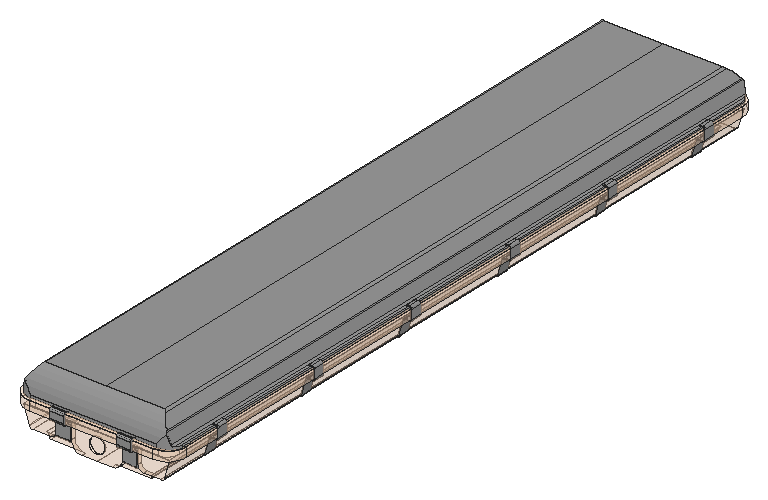
Revit family "FSVTSEL4HT", category Lighting Fixtures, host Face, Revit 2023
Family settings
  Host = Face
  Round Connector Dimension = Use Diameter
  Part Type = Normal
  Cut with Voids When Loaded = No
  Light Source = Yes
  Maintain Annotation Orientation = No
  Shared = No
  Room Calculation Point = No
Parameters (values of type "FSVTSEL4HTMO")
  Wattage Comments = "135"
  Wattage = 154.919 W
  built-in parameter 1150110 = 1 (stored number, unit not read)
  Type Image = FSVT IMAGE.PNG
  built-in parameter 1114217 = 1 (stored number, unit not read)
  Tilt Angle = -90.00°
  built-in parameter 1150109 = 1 (stored number, unit not read)
  built-in parameter 1150134 = 12
  built-in parameter 1150113 = 1 (stored number, unit not read)
  Photometric Web File = "FSVTSELHTMO4K.ies"
  Model = "FSVTSEL4HTMO"
  Manufacturer = "BEGHELLI"
  built-in parameter 1150105 = 7984.3 (stored number, unit not read)
  Lumens = 23012 lm
  built-in parameter 1150115 = 1 (stored number, unit not read)
  built-in parameter 1150137 = (empty or 0)
  built-in parameter 1150139 = (empty or 0)
  built-in parameter 1150112 = 1 (stored number, unit not read)
  built-in parameter 1150114 = 1 (stored number, unit not read)
  Lamp = "LED"
  built-in parameter 1150132 = 2
  built-in parameter 1150102 = (empty or 0)
  built-in parameter 1150107 = 4000 (stored number, unit not read)
  built-in parameter 1150138 = (empty or 0)
  built-in parameter 1150106 = 79.843 (stored number, unit not read)
  Emit from Line Length = 609.6 mm
  built-in parameter 1150104 = 13.8 (stored number, unit not read)
  Dimming Lamp Color Temperature Shift = <None>
  Description = "FSVT is an NSF Certified food safe vapor tight highbay featuring a slim \r\nprofile design. It offers best-in-class performance with 150-178 LPW \r\nefficacies and selectable CCT and wattage for commercial and industrial \r\napplications."
  Default Elevation = 1219.2 mm
  Color Filter = 16777215
  built-in parameter 1114218 = 1 (stored number, unit not read)
  built-in parameter 1150133 = 10 (stored number, unit not read)
Types (4, lengths in mm): name | Wattage Comments | Wattage | Photometric Web File | Model | built-in parameter 1150105 | Lumens | built-in parameter 1150106
  (no name) | "135" | 154.919 W | "FSVTSELHTMO4K.ies" | "FSVTSEL4HTMO" | 7984.3 (stored number, unit not read) | 23012 lm | 79.843 (stored number, unit not read)
  FSVTSEL4HTLO | "105" | 125.964 W | "FSVTSELHTLO4K.ies" | "FSVTSEL4HTLO" | 1489 (stored number, unit not read) | 18711 lm | 14.89 (stored number, unit not read)
  FSVTSEL4HTMO | "135" | 154.919 W | "FSVTSELHTMO4K.ies" | "FSVTSEL4HTMO" | 7984.3 (stored number, unit not read) | 23012 lm | 79.843 (stored number, unit not read)
  FSVTSEL4HTHO | "165" | 182.164 W | "FSVTSELHTHO4K.ies" | "FSVTSEL4HTHO" | 9388.4 (stored number, unit not read) | 27059 lm | 93.884 (stored number, unit not read)
Reference planes
  plane 1 "Center (Front/Back)": y = 0
  plane 2: z = 0
  plane 3 "Center (Left/Right)": x = 0
Dimensions and locks
  aligned and locked: plane 2 to host face
  aligned and locked: level to host face
  aligned and locked: nested 1 to host face
  aligned and locked: imposter light to nested 1
Nested families
  nested 1: "FSVT" at (0, 0, 0), type "FSVT"
Definition of nested family "FSVT"
  Parameters (values of type "FSVT")
    LENS MATERIAL = none
    HOUSING MATERIAL = none
    Default Elevation = 0 mm
  Reference planes
    plane 1 "Center (Front/Back)": y = 0
    plane 2: z = 0
    plane 3 "Center (Left/Right)": x = 0
    plane 4: y = 599.44
    plane 5: y = -599.44
    plane 6: x = -132.08
    plane 7: x = 132.08
    plane 8: z = 104.14
    plane 9: y = 593.303
    plane 10: y = -593.303
  Forms (mm)
    Extrusion 1, solid, material <- "LENS MATERIAL"
      sketch origin (0, 0, 0) x (1, 0, 0) y (0, 0, 1)
        loop
          line (0, 104.14) -> (-97.113, 104.14)
          arc (-97.113, 104.14) -> (-99.705, 103.557) -> (-101.818, 101.946) r 6.222
          line (-101.818, 101.946) -> (-114.098, 85.044)
          arc (-114.098, 85.044) -> (-114.534, 84.274) -> (-114.872, 83.457) r 7.142
          line (-114.872, 83.457) -> (-120.445, 66.304)
          arc (-120.445, 66.304) -> (-121.552, 64.578) -> (-123.278, 63.471) r 4.8
          line (-123.278, 63.471) -> (-128.397, 62.933)
          arc (-128.397, 62.933) -> (-128.987, 62.64) -> (-129.302, 62.063) r 1.094
          line (-129.302, 62.063) -> (-129.302, 59.521) -> (0, 59.521) -> (129.302, 59.521) -> (129.302, 62.063)
          arc (129.302, 62.063) -> (128.987, 62.64) -> (128.397, 62.933) r 1.094
          line (128.397, 62.933) -> (123.278, 63.471)
          arc (123.278, 63.471) -> (121.552, 64.578) -> (120.445, 66.304) r 4.8
          line (120.445, 66.304) -> (114.872, 83.457)
          arc (114.872, 83.457) -> (114.534, 84.274) -> (114.098, 85.044) r 7.142
          line (114.098, 85.044) -> (101.818, 101.946)
          arc (101.818, 101.946) -> (99.705, 103.557) -> (97.113, 104.14) r 6.222
          line (97.113, 104.14) -> (0, 104.14)
      from -593.303 to 593.303
    Extrusion 2, void
      sketch origin (0, -1.191, 0) x (1, 0, 0) y (0, 1, 0)
        loop
          arc (-131.324, 567.69) -> (-120.632, 587.003) -> (-99.933, 594.677) r 31.75
          line (-99.933, 594.677) -> (-97.113, 594.677) -> (-97.113, 612.14) -> (-147.913, 612.14) -> (-147.913, 567.69) -> (-131.324, 567.69)
      from 46.122 to 120.306
    Extrusion 3, void
      sketch origin (0, -1.191, 0) x (-1, 0, 0) y (0, -1, 0)
        loop
          line (-131.324, -567.69) -> (-147.913, -567.69) -> (-147.913, -612.14) -> (-97.113, -612.14) -> (-97.113, -594.677) -> (-99.933, -594.677)
          arc (-99.933, -594.677) -> (-120.632, -587.003) -> (-131.324, -567.69) r 31.75
      from 46.122 to 120.306
    Extrusion 4, void
      sketch origin (0, 1.191, 0) x (1, 0, 0) y (0, 1, 0)
        loop
          line (-131.324, -567.69) -> (-147.913, -567.69) -> (-147.913, -612.14) -> (-97.113, -612.14) -> (-97.113, -594.677) -> (-99.933, -594.677)
          arc (-99.933, -594.677) -> (-120.632, -587.003) -> (-131.324, -567.69) r 31.75
      from 46.122 to 120.306
    Extrusion 5, void
      sketch origin (0, 1.191, 0) x (-1, 0, 0) y (0, -1, 0)
        loop
          arc (-131.324, 567.69) -> (-120.632, 587.003) -> (-99.933, 594.677) r 31.75
          line (-99.933, 594.677) -> (-97.113, 594.677) -> (-97.113, 612.14) -> (-147.913, 612.14) -> (-147.913, 567.69) -> (-131.324, 567.69)
      from 46.122 to 120.306
    Extrusion 6, void
      sketch origin (0, 0, 0) x (0, 1, 0) y (0, 0, 1)
        loop
          line (593.228, 58.391) -> (614.028, 58.391) -> (614.028, 113.221) -> (569.578, 113.221) -> (569.578, 104.14)
          arc (569.578, 104.14) -> (587.916, 84.632) -> (593.228, 58.391) r 48.887
      from -147.913 to 147.913
    Extrusion 7, void
      sketch origin (0, 0, 0) x (0, -1, 0) y (0, 0, -1)
        loop
          arc (593.228, -58.391) -> (587.916, -84.632) -> (569.578, -104.14) r 48.887
          line (569.578, -104.14) -> (569.578, -113.221) -> (614.028, -113.221) -> (614.028, -58.391) -> (593.228, -58.391)
      from -147.913 to 147.913
  Cuts and joins
    Extrusion 2, Extrusion 3, Extrusion 4, Extrusion 5, Extrusion 6, Extrusion 7 cuts Extrusion 1
  Dimensions and locks
    aligned and locked: level to plane 2
  Nested families
    nested 1: "FSVT - HOUSING" at (0, 0, 0), type "FSVT - HOUSING"
  Definition of nested family "FSVT - HOUSING"
    Parameters (values of type "FSVT - HOUSING")
      HOUSING MATERIAL = none
      Default Elevation = 0 mm
      CLIP = none
    Reference planes
      plane 1 "Center (Front/Back)": y = 0
      plane 2: z = 0
      plane 3 "Center (Left/Right)": x = 0
      plane 4: y = 599.44
      plane 5: y = -599.44
      plane 6: x = -132.08
      plane 7: x = 132.08
      plane 8: z = 104.14
    Forms (mm)
      Extrusion 1, solid, material <- "HOUSING MATERIAL"
        sketch origin (0, 0, 0) x (1, 0, 0) y (0, 1, 0)
          loop
            arc (-100.33, 599.44) -> (-122.781, 590.141) -> (-132.08, 567.69) r 31.75
            line (-132.08, 567.69) -> (-132.08, -567.69)
            arc (-132.08, -567.69) -> (-122.781, -590.141) -> (-100.33, -599.44) r 31.75
            line (-100.33, -599.44) -> (100.33, -599.44)
            arc (100.33, -599.44) -> (122.781, -590.141) -> (132.08, -567.69) r 31.75
            line (132.08, -567.69) -> (132.08, 567.69)
            arc (132.08, 567.69) -> (122.781, 590.141) -> (100.33, 599.44) r 31.75
            line (100.33, 599.44) -> (-100.33, 599.44)
          loop
            arc (-100.33, 586.74) -> (-113.8, 581.16) -> (-119.38, 567.69) r 19.05
            line (-119.38, 567.69) -> (-119.38, -567.69)
            arc (-119.38, -567.69) -> (-113.8, -581.16) -> (-100.33, -586.74) r 19.05
            line (-100.33, -586.74) -> (100.33, -586.74)
            arc (100.33, -586.74) -> (113.8, -581.16) -> (119.38, -567.69) r 19.05
            line (119.38, -567.69) -> (119.38, 567.69)
            arc (119.38, 567.69) -> (113.8, 581.16) -> (100.33, 586.74) r 19.05
            line (100.33, 586.74) -> (-100.33, 586.74)
        from 43.576 to 59.521
      Extrusion 2, solid, material <- "HOUSING MATERIAL"
        sketch origin (0, 0, 0) x (1, 0, 0) y (0, 0, 1)
          loop
            line (-119.38, 43.576) -> (-110.878, 13.925)
            arc (-110.878, 13.925) -> (-108.55, 10.659) -> (-104.687, 9.583) r 6.013
            line (-104.687, 9.583) -> (-88.594, 9.583)
            arc (-88.594, 9.583) -> (-86.249, 8.662) -> (-84.856, 6.563) r 4.189
            line (-84.856, 6.563) -> (-83.545, 1.669)
            arc (-83.545, 1.669) -> (-82.784, 0.556) -> (-81.556, 0) r 2.498
            line (-81.556, 0) -> (0, 0) -> (81.556, 0)
            arc (81.556, 0) -> (82.784, 0.556) -> (83.545, 1.669) r 2.498
            line (83.545, 1.669) -> (84.856, 6.563)
            arc (84.856, 6.563) -> (86.249, 8.662) -> (88.594, 9.583) r 4.189
            line (88.594, 9.583) -> (104.687, 9.583)
            arc (104.687, 9.583) -> (108.55, 10.659) -> (110.878, 13.925) r 6.013
            line (110.878, 13.925) -> (119.38, 43.576) -> (0, 43.576) -> (-119.38, 43.576)
        from -586.74 to 586.74
      Extrusion 3, void
        sketch origin (0, 0, 0) x (1, 0, 0) y (0, 0, 1)
          loop
            arc (110.878, 13.925) -> (108.55, 10.659) -> (104.687, 9.583) r 6.013
            line (104.687, 9.583) -> (76.133, 9.583)
            arc (76.133, 9.583) -> (69.783, 12.213) -> (67.152, 18.563) r 8.98
            line (67.152, 18.563) -> (67.152, 41.195) -> (41.752, 41.195) -> (41.752, 16.936)
            arc (41.752, 16.936) -> (36.792, 4.961) -> (24.816, 0) r 16.936
            line (24.816, 0) -> (0, 0) -> (-24.816, 0)
            arc (-24.816, 0) -> (-36.792, 4.961) -> (-41.752, 16.936) r 16.936
            line (-41.752, 16.936) -> (-41.752, 41.195) -> (-67.152, 41.195) -> (-67.152, 18.563)
            arc (-67.152, 18.563) -> (-69.783, 12.213) -> (-76.133, 9.583) r 8.98
            line (-76.133, 9.583) -> (-104.687, 9.583)
            arc (-104.687, 9.583) -> (-108.55, 10.659) -> (-110.878, 13.925) r 6.013
            line (-110.878, 13.925) -> (-119.38, 43.576) -> (-138.43, 43.576) -> (-138.43, -7.224) -> (0, -7.224) -> (138.43, -7.224) -> (138.43, 43.576) -> (119.38, 43.576) -> (110.878, 13.925)
        from 578.845 to 622.342
      Extrusion 4, void
        sketch origin (0, 0, 0) x (1, 0, 0) y (0, 0, -1)
          loop
            line (110.878, -13.925) -> (119.38, -43.576) -> (138.43, -43.576) -> (138.43, 7.224) -> (0, 7.224) -> (-138.43, 7.224) -> (-138.43, -43.576) -> (-119.38, -43.576) -> (-110.878, -13.925)
            arc (-110.878, -13.925) -> (-108.55, -10.659) -> (-104.687, -9.583) r 6.013
            line (-104.687, -9.583) -> (-76.133, -9.583)
            arc (-76.133, -9.583) -> (-69.783, -12.213) -> (-67.152, -18.563) r 8.98
            line (-67.152, -18.563) -> (-67.152, -41.195) -> (-41.752, -41.195) -> (-41.752, -16.936)
            arc (-41.752, -16.936) -> (-36.792, -4.961) -> (-24.816, 0) r 16.936
            line (-24.816, 0) -> (0, 0) -> (24.816, 0)
            arc (24.816, 0) -> (36.792, -4.961) -> (41.752, -16.936) r 16.936
            line (41.752, -16.936) -> (41.752, -41.195) -> (67.152, -41.195) -> (67.152, -18.563)
            arc (67.152, -18.563) -> (69.783, -12.213) -> (76.133, -9.583) r 8.98
            line (76.133, -9.583) -> (104.687, -9.583)
            arc (104.687, -9.583) -> (108.55, -10.659) -> (110.878, -13.925) r 6.013
        from 578.845 to 622.342
      Extrusion 5, solid, material <- "CLIP"
        sketch origin (0, 0, 0) x (0, 1, 0) y (0, 0, 1)
          loop
            arc (-599.44, 57.088) -> (-598.669, 58.949) -> (-596.809, 59.72) r 2.631
            line (-596.809, 59.72) -> (-593.937, 59.72)
            arc (-593.937, 59.72) -> (-593.302, 60.355) -> (-593.937, 60.99) r 0.635
            line (-593.937, 60.99) -> (-596.809, 60.99)
            arc (-596.809, 60.99) -> (-599.567, 59.847) -> (-600.71, 57.088) r 3.901
            line (-600.71, 57.088) -> (-600.71, 45.97)
            arc (-600.71, 45.97) -> (-599.637, 43.379) -> (-597.046, 42.306) r 3.664
            line (-597.046, 42.306) -> (-589.534, 42.306)
            arc (-589.534, 42.306) -> (-588.519, 41.843) -> (-588.01, 40.85) r 1.697
            line (-588.01, 40.85) -> (-588.01, 15.669)
            arc (-588.01, 15.669) -> (-587.375, 15.034) -> (-586.74, 15.669) r 0.635
            line (-586.74, 15.669) -> (-586.74, 40.925)
            arc (-586.74, 40.925) -> (-587.629, 42.75) -> (-589.484, 43.576) r 2.967
            line (-589.484, 43.576) -> (-597.046, 43.576)
            arc (-597.046, 43.576) -> (-598.739, 44.277) -> (-599.44, 45.97) r 2.394
            line (-599.44, 45.97) -> (-599.44, 57.088)
        from 42.593 to 66.379
      Extrusion 6, solid, material <- "CLIP"
        sketch origin (0, 0, 0) x (0, 1, 0) y (0, 0, -1)
          loop
            line (-593.937, -59.72) -> (-596.809, -59.72)
            arc (-596.809, -59.72) -> (-598.669, -58.949) -> (-599.44, -57.088) r 2.631
            line (-599.44, -57.088) -> (-599.44, -45.97)
            arc (-599.44, -45.97) -> (-598.739, -44.277) -> (-597.046, -43.576) r 2.394
            line (-597.046, -43.576) -> (-589.484, -43.576)
            arc (-589.484, -43.576) -> (-587.629, -42.75) -> (-586.74, -40.925) r 2.967
            line (-586.74, -40.925) -> (-586.74, -15.669)
            arc (-586.74, -15.669) -> (-587.375, -15.034) -> (-588.01, -15.669) r 0.635
            line (-588.01, -15.669) -> (-588.01, -40.85)
            arc (-588.01, -40.85) -> (-588.519, -41.843) -> (-589.534, -42.306) r 1.697
            line (-589.534, -42.306) -> (-597.046, -42.306)
            arc (-597.046, -42.306) -> (-599.637, -43.379) -> (-600.71, -45.97) r 3.664
            line (-600.71, -45.97) -> (-600.71, -57.088)
            arc (-600.71, -57.088) -> (-599.567, -59.847) -> (-596.809, -60.99) r 3.901
            line (-596.809, -60.99) -> (-593.937, -60.99)
            arc (-593.937, -60.99) -> (-593.302, -60.355) -> (-593.937, -59.72) r 0.635
        from 42.593 to 66.379
      Extrusion 7, solid, material <- "CLIP"
        sketch origin (467.322, 622.936, 0) x (1, 0, 0) y (0, 0, -1)
          loop
            line (-592.151, -63.291) -> (-596.809, -63.291)
            arc (-596.809, -63.291) -> (-598.669, -62.521) -> (-599.44, -60.66) r 2.631
            line (-599.44, -60.66) -> (-599.44, -45.4)
            arc (-599.44, -45.4) -> (-598.868, -44.11) -> (-597.578, -43.576) r 1.824
            line (-597.578, -43.576) -> (-589.262, -43.576)
            arc (-589.262, -43.576) -> (-587.218, -42.692) -> (-585.928, -40.876) r 4.138
            line (-585.928, -40.876) -> (-578.2, -13.925)
            arc (-578.2, -13.925) -> (-578.678, -13.29) -> (-579.421, -13.574) r 0.661
            line (-579.421, -13.574) -> (-587.136, -40.482)
            arc (-587.136, -40.482) -> (-588.001, -41.692) -> (-589.357, -42.306) r 2.868
            line (-589.357, -42.306) -> (-597.578, -42.306)
            arc (-597.578, -42.306) -> (-599.766, -43.212) -> (-600.672, -45.4) r 3.094
            line (-600.672, -45.4) -> (-600.71, -60.66)
            arc (-600.71, -60.66) -> (-599.567, -63.419) -> (-596.809, -64.561) r 3.901
            line (-596.809, -64.561) -> (-592.151, -64.561)
            arc (-592.151, -64.561) -> (-591.516, -63.926) -> (-592.151, -63.291) r 0.635
        from -134.545 to -116.917
      Extrusion 8, void
        sketch origin (0, 0, 0) x (1, 0, 0) y (0, 0, 1)
          loop
            circle (0, 22.94) r 12.7
        from 583.66 to 589.534
      Extrusion 9, void
        sketch origin (0, 1198.88, 0) x (1, 0, 0) y (0, 0, -1)
          loop
            circle (0, -22.94) r 12.7
        from -620.035 to -593.09
      Extrusion 10, solid, material <- "CLIP"
        sketch origin (467.322, 426.086, 0) x (1, 0, 0) y (0, 0, -1)
          loop
            line (-592.151, -63.291) -> (-596.809, -63.291)
            arc (-596.809, -63.291) -> (-598.669, -62.521) -> (-599.44, -60.66) r 2.631
            line (-599.44, -60.66) -> (-599.44, -45.4)
            arc (-599.44, -45.4) -> (-598.868, -44.11) -> (-597.578, -43.576) r 1.824
            line (-597.578, -43.576) -> (-589.262, -43.576)
            arc (-589.262, -43.576) -> (-587.218, -42.692) -> (-585.928, -40.876) r 4.138
            line (-585.928, -40.876) -> (-578.2, -13.925)
            arc (-578.2, -13.925) -> (-578.678, -13.29) -> (-579.421, -13.574) r 0.661
            line (-579.421, -13.574) -> (-587.136, -40.482)
            arc (-587.136, -40.482) -> (-588.001, -41.692) -> (-589.357, -42.306) r 2.868
            line (-589.357, -42.306) -> (-597.578, -42.306)
            arc (-597.578, -42.306) -> (-599.766, -43.212) -> (-600.672, -45.4) r 3.094
            line (-600.672, -45.4) -> (-600.71, -60.66)
            arc (-600.71, -60.66) -> (-599.567, -63.419) -> (-596.809, -64.561) r 3.901
            line (-596.809, -64.561) -> (-592.151, -64.561)
            arc (-592.151, -64.561) -> (-591.516, -63.926) -> (-592.151, -63.291) r 0.635
        from -134.545 to -116.917
      Extrusion 11, solid, material <- "CLIP"
        sketch origin (467.322, 227.173, 0) x (1, 0, 0) y (0, 0, -1)
          loop
            line (-592.151, -63.291) -> (-596.809, -63.291)
            arc (-596.809, -63.291) -> (-598.669, -62.521) -> (-599.44, -60.66) r 2.631
            line (-599.44, -60.66) -> (-599.44, -45.4)
            arc (-599.44, -45.4) -> (-598.868, -44.11) -> (-597.578, -43.576) r 1.824
            line (-597.578, -43.576) -> (-589.262, -43.576)
            arc (-589.262, -43.576) -> (-587.218, -42.692) -> (-585.928, -40.876) r 4.138
            line (-585.928, -40.876) -> (-578.2, -13.925)
            arc (-578.2, -13.925) -> (-578.678, -13.29) -> (-579.421, -13.574) r 0.661
            line (-579.421, -13.574) -> (-587.136, -40.482)
            arc (-587.136, -40.482) -> (-588.001, -41.692) -> (-589.357, -42.306) r 2.868
            line (-589.357, -42.306) -> (-597.578, -42.306)
            arc (-597.578, -42.306) -> (-599.766, -43.212) -> (-600.672, -45.4) r 3.094
            line (-600.672, -45.4) -> (-600.71, -60.66)
            arc (-600.71, -60.66) -> (-599.567, -63.419) -> (-596.809, -64.561) r 3.901
            line (-596.809, -64.561) -> (-592.151, -64.561)
            arc (-592.151, -64.561) -> (-591.516, -63.926) -> (-592.151, -63.291) r 0.635
        from -134.545 to -116.917
      Extrusion 12, solid, material <- "CLIP"
        sketch origin (-467.322, 622.936, 0) x (-1, 0, 0) y (0, 0, 1)
          loop
            arc (-592.151, 63.291) -> (-591.516, 63.926) -> (-592.151, 64.561) r 0.635
            line (-592.151, 64.561) -> (-596.809, 64.561)
            arc (-596.809, 64.561) -> (-599.567, 63.419) -> (-600.71, 60.66) r 3.901
            line (-600.71, 60.66) -> (-600.672, 45.4)
            arc (-600.672, 45.4) -> (-599.766, 43.212) -> (-597.578, 42.306) r 3.094
            line (-597.578, 42.306) -> (-589.357, 42.306)
            arc (-589.357, 42.306) -> (-588.001, 41.692) -> (-587.136, 40.482) r 2.868
            line (-587.136, 40.482) -> (-579.421, 13.574)
            arc (-579.421, 13.574) -> (-578.678, 13.29) -> (-578.2, 13.925) r 0.661
            line (-578.2, 13.925) -> (-585.928, 40.876)
            arc (-585.928, 40.876) -> (-587.218, 42.692) -> (-589.262, 43.576) r 4.138
            line (-589.262, 43.576) -> (-597.578, 43.576)
            arc (-597.578, 43.576) -> (-598.868, 44.11) -> (-599.44, 45.4) r 1.824
            line (-599.44, 45.4) -> (-599.44, 60.66)
            arc (-599.44, 60.66) -> (-598.669, 62.521) -> (-596.809, 63.291) r 2.631
            line (-596.809, 63.291) -> (-592.151, 63.291)
        from -134.545 to -116.917
      Extrusion 13, solid, material <- "CLIP"
        sketch origin (-467.322, 426.086, 0) x (-1, 0, 0) y (0, 0, 1)
          loop
            arc (-592.151, 63.291) -> (-591.516, 63.926) -> (-592.151, 64.561) r 0.635
            line (-592.151, 64.561) -> (-596.809, 64.561)
            arc (-596.809, 64.561) -> (-599.567, 63.419) -> (-600.71, 60.66) r 3.901
            line (-600.71, 60.66) -> (-600.672, 45.4)
            arc (-600.672, 45.4) -> (-599.766, 43.212) -> (-597.578, 42.306) r 3.094
            line (-597.578, 42.306) -> (-589.357, 42.306)
            arc (-589.357, 42.306) -> (-588.001, 41.692) -> (-587.136, 40.482) r 2.868
            line (-587.136, 40.482) -> (-579.421, 13.574)
            arc (-579.421, 13.574) -> (-578.678, 13.29) -> (-578.2, 13.925) r 0.661
            line (-578.2, 13.925) -> (-585.928, 40.876)
            arc (-585.928, 40.876) -> (-587.218, 42.692) -> (-589.262, 43.576) r 4.138
            line (-589.262, 43.576) -> (-597.578, 43.576)
            arc (-597.578, 43.576) -> (-598.868, 44.11) -> (-599.44, 45.4) r 1.824
            line (-599.44, 45.4) -> (-599.44, 60.66)
            arc (-599.44, 60.66) -> (-598.669, 62.521) -> (-596.809, 63.291) r 2.631
            line (-596.809, 63.291) -> (-592.151, 63.291)
        from -134.545 to -116.917
      Extrusion 14, solid, material <- "CLIP"
        sketch origin (-467.322, 227.173, 0) x (-1, 0, 0) y (0, 0, 1)
          loop
            arc (-592.151, 63.291) -> (-591.516, 63.926) -> (-592.151, 64.561) r 0.635
            line (-592.151, 64.561) -> (-596.809, 64.561)
            arc (-596.809, 64.561) -> (-599.567, 63.419) -> (-600.71, 60.66) r 3.901
            line (-600.71, 60.66) -> (-600.672, 45.4)
            arc (-600.672, 45.4) -> (-599.766, 43.212) -> (-597.578, 42.306) r 3.094
            line (-597.578, 42.306) -> (-589.357, 42.306)
            arc (-589.357, 42.306) -> (-588.001, 41.692) -> (-587.136, 40.482) r 2.868
            line (-587.136, 40.482) -> (-579.421, 13.574)
            arc (-579.421, 13.574) -> (-578.678, 13.29) -> (-578.2, 13.925) r 0.661
            line (-578.2, 13.925) -> (-585.928, 40.876)
            arc (-585.928, 40.876) -> (-587.218, 42.692) -> (-589.262, 43.576) r 4.138
            line (-589.262, 43.576) -> (-597.578, 43.576)
            arc (-597.578, 43.576) -> (-598.868, 44.11) -> (-599.44, 45.4) r 1.824
            line (-599.44, 45.4) -> (-599.44, 60.66)
            arc (-599.44, 60.66) -> (-598.669, 62.521) -> (-596.809, 63.291) r 2.631
            line (-596.809, 63.291) -> (-592.151, 63.291)
        from -134.545 to -116.917
      Extrusion 15, solid, material <- "CLIP"
        sketch origin (467.322, -622.936, 0) x (1, 0, 0) y (0, 0, 1)
          loop
            arc (-592.151, 63.291) -> (-591.516, 63.926) -> (-592.151, 64.561) r 0.635
            line (-592.151, 64.561) -> (-596.809, 64.561)
            arc (-596.809, 64.561) -> (-599.567, 63.419) -> (-600.71, 60.66) r 3.901
            line (-600.71, 60.66) -> (-600.672, 45.4)
            arc (-600.672, 45.4) -> (-599.766, 43.212) -> (-597.578, 42.306) r 3.094
            line (-597.578, 42.306) -> (-589.357, 42.306)
            arc (-589.357, 42.306) -> (-588.001, 41.692) -> (-587.136, 40.482) r 2.868
            line (-587.136, 40.482) -> (-579.421, 13.574)
            arc (-579.421, 13.574) -> (-578.678, 13.29) -> (-578.2, 13.925) r 0.661
            line (-578.2, 13.925) -> (-585.928, 40.876)
            arc (-585.928, 40.876) -> (-587.218, 42.692) -> (-589.262, 43.576) r 4.138
            line (-589.262, 43.576) -> (-597.578, 43.576)
            arc (-597.578, 43.576) -> (-598.868, 44.11) -> (-599.44, 45.4) r 1.824
            line (-599.44, 45.4) -> (-599.44, 60.66)
            arc (-599.44, 60.66) -> (-598.669, 62.521) -> (-596.809, 63.291) r 2.631
            line (-596.809, 63.291) -> (-592.151, 63.291)
        from -134.545 to -116.917
      Extrusion 16, solid, material <- "CLIP"
        sketch origin (467.322, -426.086, 0) x (1, 0, 0) y (0, 0, 1)
          loop
            arc (-592.151, 63.291) -> (-591.516, 63.926) -> (-592.151, 64.561) r 0.635
            line (-592.151, 64.561) -> (-596.809, 64.561)
            arc (-596.809, 64.561) -> (-599.567, 63.419) -> (-600.71, 60.66) r 3.901
            line (-600.71, 60.66) -> (-600.672, 45.4)
            arc (-600.672, 45.4) -> (-599.766, 43.212) -> (-597.578, 42.306) r 3.094
            line (-597.578, 42.306) -> (-589.357, 42.306)
            arc (-589.357, 42.306) -> (-588.001, 41.692) -> (-587.136, 40.482) r 2.868
            line (-587.136, 40.482) -> (-579.421, 13.574)
            arc (-579.421, 13.574) -> (-578.678, 13.29) -> (-578.2, 13.925) r 0.661
            line (-578.2, 13.925) -> (-585.928, 40.876)
            arc (-585.928, 40.876) -> (-587.218, 42.692) -> (-589.262, 43.576) r 4.138
            line (-589.262, 43.576) -> (-597.578, 43.576)
            arc (-597.578, 43.576) -> (-598.868, 44.11) -> (-599.44, 45.4) r 1.824
            line (-599.44, 45.4) -> (-599.44, 60.66)
            arc (-599.44, 60.66) -> (-598.669, 62.521) -> (-596.809, 63.291) r 2.631
            line (-596.809, 63.291) -> (-592.151, 63.291)
        from -134.545 to -116.917
      Extrusion 17, solid, material <- "CLIP"
        sketch origin (467.322, -227.173, 0) x (1, 0, 0) y (0, 0, 1)
          loop
            arc (-592.151, 63.291) -> (-591.516, 63.926) -> (-592.151, 64.561) r 0.635
            line (-592.151, 64.561) -> (-596.809, 64.561)
            arc (-596.809, 64.561) -> (-599.567, 63.419) -> (-600.71, 60.66) r 3.901
            line (-600.71, 60.66) -> (-600.672, 45.4)
            arc (-600.672, 45.4) -> (-599.766, 43.212) -> (-597.578, 42.306) r 3.094
            line (-597.578, 42.306) -> (-589.357, 42.306)
            arc (-589.357, 42.306) -> (-588.001, 41.692) -> (-587.136, 40.482) r 2.868
            line (-587.136, 40.482) -> (-579.421, 13.574)
            arc (-579.421, 13.574) -> (-578.678, 13.29) -> (-578.2, 13.925) r 0.661
            line (-578.2, 13.925) -> (-585.928, 40.876)
            arc (-585.928, 40.876) -> (-587.218, 42.692) -> (-589.262, 43.576) r 4.138
            line (-589.262, 43.576) -> (-597.578, 43.576)
            arc (-597.578, 43.576) -> (-598.868, 44.11) -> (-599.44, 45.4) r 1.824
            line (-599.44, 45.4) -> (-599.44, 60.66)
            arc (-599.44, 60.66) -> (-598.669, 62.521) -> (-596.809, 63.291) r 2.631
            line (-596.809, 63.291) -> (-592.151, 63.291)
        from -134.545 to -116.917
      Extrusion 18, solid, material <- "CLIP"
        sketch origin (-467.322, -622.936, 0) x (-1, 0, 0) y (0, 0, -1)
          loop
            line (-592.151, -63.291) -> (-596.809, -63.291)
            arc (-596.809, -63.291) -> (-598.669, -62.521) -> (-599.44, -60.66) r 2.631
            line (-599.44, -60.66) -> (-599.44, -45.4)
            arc (-599.44, -45.4) -> (-598.868, -44.11) -> (-597.578, -43.576) r 1.824
            line (-597.578, -43.576) -> (-589.262, -43.576)
            arc (-589.262, -43.576) -> (-587.218, -42.692) -> (-585.928, -40.876) r 4.138
            line (-585.928, -40.876) -> (-578.2, -13.925)
            arc (-578.2, -13.925) -> (-578.678, -13.29) -> (-579.421, -13.574) r 0.661
            line (-579.421, -13.574) -> (-587.136, -40.482)
            arc (-587.136, -40.482) -> (-588.001, -41.692) -> (-589.357, -42.306) r 2.868
            line (-589.357, -42.306) -> (-597.578, -42.306)
            arc (-597.578, -42.306) -> (-599.766, -43.212) -> (-600.672, -45.4) r 3.094
            line (-600.672, -45.4) -> (-600.71, -60.66)
            arc (-600.71, -60.66) -> (-599.567, -63.419) -> (-596.809, -64.561) r 3.901
            line (-596.809, -64.561) -> (-592.151, -64.561)
            arc (-592.151, -64.561) -> (-591.516, -63.926) -> (-592.151, -63.291) r 0.635
        from -134.545 to -116.917
      Extrusion 19, solid, material <- "CLIP"
        sketch origin (-467.322, -426.086, 0) x (-1, 0, 0) y (0, 0, -1)
          loop
            line (-592.151, -63.291) -> (-596.809, -63.291)
            arc (-596.809, -63.291) -> (-598.669, -62.521) -> (-599.44, -60.66) r 2.631
            line (-599.44, -60.66) -> (-599.44, -45.4)
            arc (-599.44, -45.4) -> (-598.868, -44.11) -> (-597.578, -43.576) r 1.824
            line (-597.578, -43.576) -> (-589.262, -43.576)
            arc (-589.262, -43.576) -> (-587.218, -42.692) -> (-585.928, -40.876) r 4.138
            line (-585.928, -40.876) -> (-578.2, -13.925)
            arc (-578.2, -13.925) -> (-578.678, -13.29) -> (-579.421, -13.574) r 0.661
            line (-579.421, -13.574) -> (-587.136, -40.482)
            arc (-587.136, -40.482) -> (-588.001, -41.692) -> (-589.357, -42.306) r 2.868
            line (-589.357, -42.306) -> (-597.578, -42.306)
            arc (-597.578, -42.306) -> (-599.766, -43.212) -> (-600.672, -45.4) r 3.094
            line (-600.672, -45.4) -> (-600.71, -60.66)
            arc (-600.71, -60.66) -> (-599.567, -63.419) -> (-596.809, -64.561) r 3.901
            line (-596.809, -64.561) -> (-592.151, -64.561)
            arc (-592.151, -64.561) -> (-591.516, -63.926) -> (-592.151, -63.291) r 0.635
        from -134.545 to -116.917
      Extrusion 20, solid, material <- "CLIP"
        sketch origin (-467.322, -227.173, 0) x (-1, 0, 0) y (0, 0, -1)
          loop
            line (-592.151, -63.291) -> (-596.809, -63.291)
            arc (-596.809, -63.291) -> (-598.669, -62.521) -> (-599.44, -60.66) r 2.631
            line (-599.44, -60.66) -> (-599.44, -45.4)
            arc (-599.44, -45.4) -> (-598.868, -44.11) -> (-597.578, -43.576) r 1.824
            line (-597.578, -43.576) -> (-589.262, -43.576)
            arc (-589.262, -43.576) -> (-587.218, -42.692) -> (-585.928, -40.876) r 4.138
            line (-585.928, -40.876) -> (-578.2, -13.925)
            arc (-578.2, -13.925) -> (-578.678, -13.29) -> (-579.421, -13.574) r 0.661
            line (-579.421, -13.574) -> (-587.136, -40.482)
            arc (-587.136, -40.482) -> (-588.001, -41.692) -> (-589.357, -42.306) r 2.868
            line (-589.357, -42.306) -> (-597.578, -42.306)
            arc (-597.578, -42.306) -> (-599.766, -43.212) -> (-600.672, -45.4) r 3.094
            line (-600.672, -45.4) -> (-600.71, -60.66)
            arc (-600.71, -60.66) -> (-599.567, -63.419) -> (-596.809, -64.561) r 3.901
            line (-596.809, -64.561) -> (-592.151, -64.561)
            arc (-592.151, -64.561) -> (-591.516, -63.926) -> (-592.151, -63.291) r 0.635
        from -134.545 to -116.917
      Extrusion 21, solid, material <- "CLIP"
        sketch origin (0, 0, 0) x (0, -1, 0) y (0, 0, -1)
          loop
            line (-599.44, -57.088) -> (-599.44, -45.97)
            arc (-599.44, -45.97) -> (-598.739, -44.277) -> (-597.046, -43.576) r 2.394
            line (-597.046, -43.576) -> (-589.484, -43.576)
            arc (-589.484, -43.576) -> (-587.629, -42.75) -> (-586.74, -40.925) r 2.967
            line (-586.74, -40.925) -> (-586.74, -15.669)
            arc (-586.74, -15.669) -> (-587.375, -15.034) -> (-588.01, -15.669) r 0.635
            line (-588.01, -15.669) -> (-588.01, -40.85)
            arc (-588.01, -40.85) -> (-588.519, -41.843) -> (-589.534, -42.306) r 1.697
            line (-589.534, -42.306) -> (-597.046, -42.306)
            arc (-597.046, -42.306) -> (-599.637, -43.379) -> (-600.71, -45.97) r 3.664
            line (-600.71, -45.97) -> (-600.71, -57.088)
            arc (-600.71, -57.088) -> (-599.567, -59.847) -> (-596.809, -60.99) r 3.901
            line (-596.809, -60.99) -> (-593.937, -60.99)
            arc (-593.937, -60.99) -> (-593.302, -60.355) -> (-593.937, -59.72) r 0.635
            line (-593.937, -59.72) -> (-596.809, -59.72)
            arc (-596.809, -59.72) -> (-598.669, -58.949) -> (-599.44, -57.088) r 2.631
        from 42.593 to 66.379
      Extrusion 22, solid, material <- "CLIP"
        sketch origin (0, 0, 0) x (0, -1, 0) y (0, 0, 1)
          loop
            arc (-593.937, 59.72) -> (-593.302, 60.355) -> (-593.937, 60.99) r 0.635
            line (-593.937, 60.99) -> (-596.809, 60.99)
            arc (-596.809, 60.99) -> (-599.567, 59.847) -> (-600.71, 57.088) r 3.901
            line (-600.71, 57.088) -> (-600.71, 45.97)
            arc (-600.71, 45.97) -> (-599.637, 43.379) -> (-597.046, 42.306) r 3.664
            line (-597.046, 42.306) -> (-589.534, 42.306)
            arc (-589.534, 42.306) -> (-588.519, 41.843) -> (-588.01, 40.85) r 1.697
            line (-588.01, 40.85) -> (-588.01, 15.669)
            arc (-588.01, 15.669) -> (-587.375, 15.034) -> (-586.74, 15.669) r 0.635
            line (-586.74, 15.669) -> (-586.74, 40.925)
            arc (-586.74, 40.925) -> (-587.629, 42.75) -> (-589.484, 43.576) r 2.967
            line (-589.484, 43.576) -> (-597.046, 43.576)
            arc (-597.046, 43.576) -> (-598.739, 44.277) -> (-599.44, 45.97) r 2.394
            line (-599.44, 45.97) -> (-599.44, 57.088)
            arc (-599.44, 57.088) -> (-598.669, 58.949) -> (-596.809, 59.72) r 2.631
            line (-596.809, 59.72) -> (-593.937, 59.72)
        from 42.593 to 66.379
    Cuts and joins
      Extrusion 3, Extrusion 4 cuts Extrusion 1
      Extrusion 3, Extrusion 4, Extrusion 8, Extrusion 9 cuts Extrusion 2
    Dimensions and locks
      aligned and locked: level to plane 2
      aligned and locked: Extrusion 2 to Extrusion 1  (x2)
